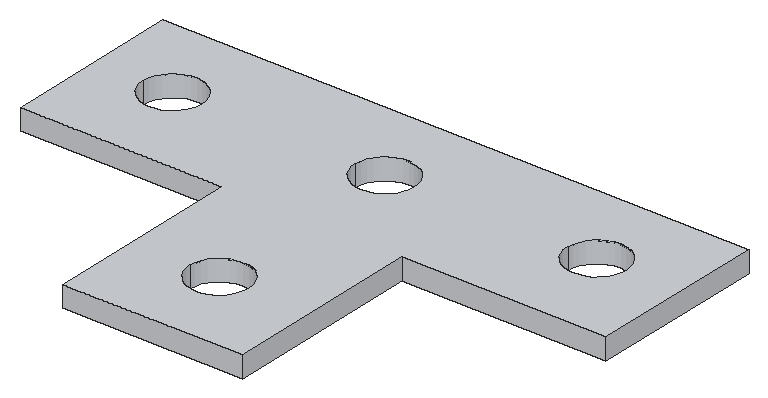
Revit family "MP7", category Generic Models, Revit 2017
Family settings
  Can host rebar = No
  Round Connector Dimension = Use Diameter
  Part Type = Normal
  Work Plane-Based = Yes
  Always vertical = No
  Cut with Voids When Loaded = No
  Shared = No
  Room Calculation Point = No
Parameters (values of type "NBS Standard Parameters")
  Weight = "0.266Kg"
  WarrantyStartDate [instance] = "1900-12-31T23:59:59"
  WarrantyGuarantorParts = "n/a"
  WarrantyGuarantorLabor = "n/a"
  WarrantyDurationUnit = "1 year"
  WarrantyDurationParts = "n/a"
  WarrantyDurationLabor = "n/a"
  WarrantyDescription = "n/a"
  Version = "1"
  Uniclass2 = "Pr_65_70_11_19"
  TagNumber [instance] = "n/a"
  SustainabilityPerformance = "n/a"
  Size = "n/a"
  Shape = "Tee"
  SerialNumber [instance] = "n/a"
  Revision = "n/a"
  ReplacementCost = "n/a"
  ProductInformation = "www.metpro.co.uk/pdf/mp7.pdf"
  NominalWidth = 90 mm
  NominalLength = 139 mm
  NominalHeight = 5 mm
  Name = ""
  NBSTypeID = ""
  NBSReference = "90-55-10/305"
  NBSOfficeMasterTag = ""
  NBSNote = ""
  NBSDescription = "Channel Cable Supports"
  NBSCertification = ""
  ModelReference = "MP7"
  ModelNumber = "n/a"
  Material = "Steel"
  ManufacturerURL = "www.metpro.co.uk"
  ManufacturerName = "Metpro Ltd"
  Keynote = "Compliant to LU Standard 1-085"
  InstallationDate [instance] = "1900-12-31T23:59:59"
  IfcExportType = ""
  IfcExportAs = ""
  Grade = "n/a"
  Finish = "Hot dipped Galvanised"
  Features = "n/a"
  ExpectedLife = "n/a"
  DurationUnit = "year"
  Description = "MP7 Flat T Bracket"
  Default Elevation = 1219.2 mm
  Constituents = "n/a"
  Color = "n/a"
  CodePerformance = "n/a"
  Category = "n/a"
  BarCode [instance] = "n/a"
  BIMObjectName = "metpro_metprolibrary_channelcablesupport_channelbracket"
  Author = "Metpro Ltd"
  AssetType = ""
  AssetIdentifier [instance] = "n/a"
  AccessibilityPerformance = "n/a"
Reference planes
  plane 1 "Center (Front/Back)": y = 0
  plane 2: z = 0
  plane 3 "Center (Left/Right)": x = 0
Forms (mm)
  Extrusion 1, solid
    sketch origin (-7.613, 31.282, 0) x (1, 0, 0) y (0, 1, 0)
      loop
        line (0, -1) -> (0, -43) -> (47.613, -43) -> (47.613, -90) -> (90, -90) -> (90, -43) -> (138.023, -43) -> (138.023, -1) -> (90, -1) -> (0, -1)
      loop
        circle (68.409, -69.809) r 7
      loop
        circle (68.409, -21.059) r 7
      loop
        circle (118.409, -21.059) r 7
      loop
        circle (18.409, -21.059) r 7
    from 0 to 5
Dimensions and locks
  aligned and locked: level to plane 2
